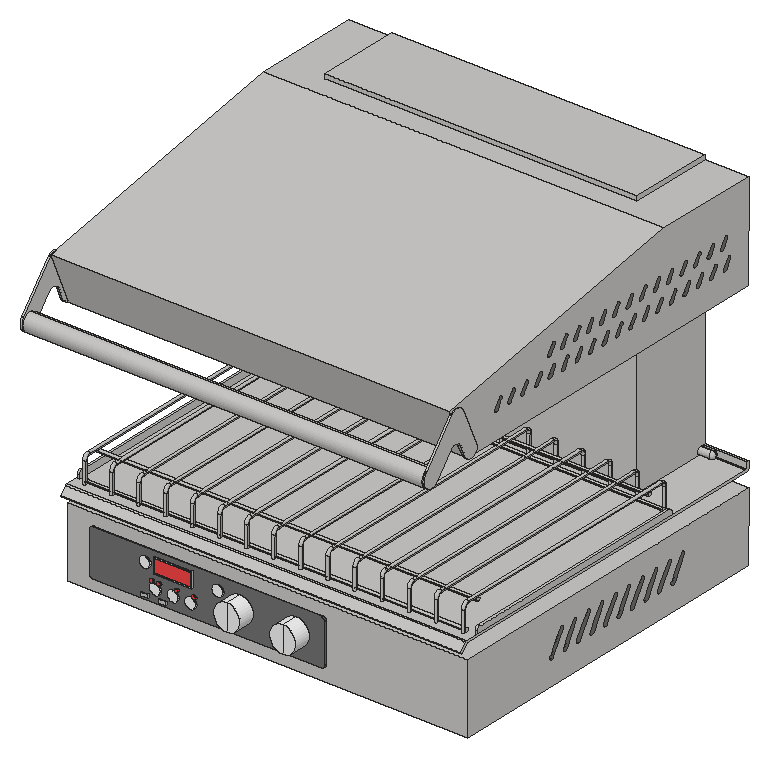
Revit family "QF_GIORIK_SH30", category Specialty Equipment, Revit 2014
Parameters (values of type "SH30")
  Weight in Pounds = 152.1188
  Watts = 4500 W
  Volts = 400 V
  URL Cutsheet = "www.giorik.com"
  URL = "www.giorik.com"
  Status [instance] = ""
  Specification by User [instance] = ""
  Specification by Manufacturer = ""
  Show Logo [instance] = yes
  Show Clearance [instance] = yes
  Serial Number = ""
  Seismic Rating = ""
  SMACNA No = ""
  Revision Code [instance] = ""
  Phase = 3
  Number of Poles [instance] = 3
  NAFEM Spec ID Number = ""
  Model = "SH30"
  Min Ckt Ampacity = 0 A
  Max Overcurrent Protection = 0 A
  Masterspec = ""
  Manufacturer = "GIORIK"
  Item Number [instance] = ""
  Installed By [instance] = ""
  Identify Quantity as Lot [instance] = no
  HP = "6.034590000000"
  Furnished By [instance] = ""
  Foodservice Equipment Identifier [instance] = yes
  FL Amps = 0 A
  Electrical Remarks [instance] = ""
  Electric Connection Type [instance] = ""
  Elec Conn RI Height [instance] = 0 mm
  Elec Conn Connection Height [instance] = 39 mm
  Description = "FAST SALAMANDERS HI-LITE"
  Cycle = 50 Hz
  Conn Plug = ""
  CSI MasterFormat = ""
  Assembly Code = "E1090320"
  Apparent Power = 4500 VA
Reference planes
  plane 1 "Back": y = 0
  plane 2: z = -1
  plane 3 "Left": x = 0
  plane 4 "Right": x = 570
  plane 5 "Front": y = -581
  plane 6 "Top": z = 518
Forms (mm)
  Extrusion 1, solid
    sketch origin (0, 0, -1) x (0, 1, 0) y (0, 0, 1)
      loop
        line (0, 116) -> (-500, 116) -> (-500, 16) -> (0, 16) -> (0, 116)
    from 0 to 570
  Extrusion 2, solid
    sketch origin (0, 0, -1) x (0, 1, 0) y (0, 0, 1)
      loop
        line (-510.658, 128.424) -> (-501.497, 137.409) -> (-3, 137.409)
        arc (-3, 137.409) -> (-0.879, 138.288) -> (0, 140.409) r 3
        line (0, 140.409) -> (0, 150.409) -> (-3, 150.409) -> (-3, 141.409)
        arc (-3, 141.409) -> (-3.293, 140.702) -> (-4, 140.409) r 1
        line (-4, 140.409) -> (-501.497, 140.409)
        arc (-501.497, 140.409) -> (-502.632, 140.186) -> (-503.598, 139.551) r 3
        line (-503.598, 139.551) -> (-512.779, 130.545) -> (-510.658, 128.424)
    from 0 to 570
  Extrusion 3, solid
    sketch origin (0, 0, 0) x (0, 1, 0) y (0, 0, 1)
      loop
        line (-150, 512.02) -> (-531, 444.528) -> (-500, 372.02) -> (0, 372.02) -> (0, 512.02) -> (-150, 512.02)
    from 0 to 570
  Extrusion 4, solid
    sketch origin (0, 0, 0) x (0, 1, 0) y (0, 0, 1)
      loop
        line (-120, 115) -> (0, 115) -> (0, 372.02) -> (-120, 372.02) -> (-120, 115)
    from 62.5 to 507.5
  Extrusion 5, solid
    sketch origin (0, -38, -1.322) x (0, 1, 0) y (0, 0, 1)
      loop
        line (-491.588, 443.653) -> (-540.006, 386.512)
        arc (-540.006, 386.512) -> (-538.54, 368.783) -> (-520.812, 370.248) r 12.579
        line (-520.812, 370.248) -> (-495.462, 400.166)
        arc (-495.462, 400.166) -> (-486.485, 403.589) -> (-478.751, 397.888) r 10.025
        line (-478.751, 397.888) -> (-470.242, 379.619)
        arc (-470.242, 379.619) -> (-455.833, 374.347) -> (-450.524, 388.743) r 10.863
        line (-450.524, 388.743) -> (-474.877, 441.376)
        arc (-474.877, 441.376) -> (-482.609, 447.09) -> (-491.588, 443.653) r 10.009
    from -3 to 0
  Extrusion 6, solid
    sketch origin (573, -38, -1.322) x (0, 1, 0) y (0, 0, 1)
      loop
        line (-491.588, 443.653) -> (-540.006, 386.512)
        arc (-540.006, 386.512) -> (-538.54, 368.783) -> (-520.812, 370.248) r 12.579
        line (-520.812, 370.248) -> (-495.462, 400.166)
        arc (-495.462, 400.166) -> (-486.485, 403.589) -> (-478.751, 397.888) r 10.025
        line (-478.751, 397.888) -> (-470.242, 379.619)
        arc (-470.242, 379.619) -> (-455.833, 374.347) -> (-450.524, 388.743) r 10.863
        line (-450.524, 388.743) -> (-474.877, 441.376)
        arc (-474.877, 441.376) -> (-482.609, 447.09) -> (-491.588, 443.653) r 10.009
    from -3 to 0
  Revolve 7, solid
    sketch origin (0, -568.487, -1.322) x (1, 0, 0) y (0, 0, 1)
      loop
        line (0, 365.88) -> (569.991, 365.88) -> (569.991, 378.38) -> (0, 378.38) -> (0, 365.88)
      axis (0, 378.38) -> (569.991, 378.38)
    angle from 0 to 360
  Revolve 8, solid
    sketch origin (0, -107.054, -1) x (1, 0, 0) y (0, 0, 1)
      loop
        line (62.5, 127.28) -> (62.5, 132.28) -> (40.041, 132.28)
        arc (40.041, 132.28) -> (41.505, 128.744) -> (45.041, 127.28) r 5
        line (45.041, 127.28) -> (62.5, 127.28)
      axis (40.041, 132.28) -> (62.5, 132.28)
    angle from 0 to 360
  Revolve 9, solid
    sketch origin (0.028, -8.199, 12.32) x (1, 0, 0) y (0, 0, 1)
      loop
        line (62.5, 127.28) -> (62.5, 132.28) -> (40.041, 132.28)
        arc (40.041, 132.28) -> (41.505, 128.744) -> (45.041, 127.28) r 5
        line (45.041, 127.28) -> (62.5, 127.28)
      axis (40.041, 132.28) -> (62.5, 132.28)
    angle from 0 to 360
  Revolve 10, solid
    sketch origin (570, -107.054, -1) x (-1, 0, 0) y (0, 0, -1)
      loop
        line (62.5, -127.28) -> (45.041, -127.28)
        arc (45.041, -127.28) -> (41.505, -128.744) -> (40.041, -132.28) r 5
        line (40.041, -132.28) -> (62.5, -132.28) -> (62.5, -127.28)
      axis (40.041, -132.28) -> (62.5, -132.28)
    angle from 0 to 360
  Revolve 11, solid
    sketch origin (570, -8.199, 12.32) x (-1, 0, 0) y (0, 0, -1)
      loop
        line (62.5, -127.28) -> (45.041, -127.28)
        arc (45.041, -127.28) -> (41.505, -128.744) -> (40.041, -132.28) r 5
        line (40.041, -132.28) -> (62.5, -132.28) -> (62.5, -127.28)
      axis (40.041, -132.28) -> (62.5, -132.28)
    angle from 0 to 360
  Extrusion 12, solid
    sketch origin (0, 0, 0) x (0, 1, 0) y (0, 0, 1)
      loop
        line (0, 512.02) -> (0, 518) -> (-120, 518) -> (-120, 512.02) -> (0, 512.02)
    from 62.5 to 507.5
  Extrusion 13, solid
    sketch origin (0, -38, -1.322) x (0, 1, 0) y (0, 0, 1)
      loop
        line (-491.588, 443.653) -> (-540.006, 386.512)
        arc (-540.006, 386.512) -> (-538.54, 368.783) -> (-520.812, 370.248) r 12.579
        line (-520.812, 370.248) -> (-495.462, 400.166)
        arc (-495.462, 400.166) -> (-486.485, 403.589) -> (-478.751, 397.888) r 10.025
        line (-478.751, 397.888) -> (-470.242, 379.619)
        arc (-470.242, 379.619) -> (-455.833, 374.347) -> (-450.524, 388.743) r 10.863
        line (-450.524, 388.743) -> (-474.877, 441.376)
        arc (-474.877, 441.376) -> (-482.609, 447.09) -> (-491.588, 443.653) r 10.009
    from -3 to 0
  Extrusion 14, solid
    sketch origin (0, 0, -1) x (1, 0, 0) y (0, 0, 1)
      loop
        circle (518, 39) r 12.7
    from 0 to -15
  Extrusion 15, solid
    sketch origin (0, 1.905, -0.038) x (0, 1, 0) y (0, 0, 1)
      loop
        line (-122.233, 83.563) -> (-138.983, 54.209)
        arc (-138.983, 54.209) -> (-137.865, 50.116) -> (-133.772, 51.235) r 3
        line (-133.772, 51.235) -> (-117.021, 80.589)
        arc (-117.021, 80.589) -> (-118.14, 84.682) -> (-122.233, 83.563) r 3
      loop
        line (-145.943, 83.563) -> (-162.693, 54.209)
        arc (-162.693, 54.209) -> (-161.575, 50.116) -> (-157.482, 51.235) r 3
        line (-157.482, 51.235) -> (-140.732, 80.589)
        arc (-140.732, 80.589) -> (-141.85, 84.682) -> (-145.943, 83.563) r 3
      loop
        line (-170.249, 83.563) -> (-186.999, 54.209)
        arc (-186.999, 54.209) -> (-185.881, 50.116) -> (-181.788, 51.235) r 3
        line (-181.788, 51.235) -> (-165.037, 80.589)
        arc (-165.037, 80.589) -> (-166.156, 84.682) -> (-170.249, 83.563) r 3
      loop
        line (-194.226, 83.563) -> (-210.977, 54.209)
        arc (-210.977, 54.209) -> (-209.858, 50.116) -> (-205.765, 51.235) r 3
        line (-205.765, 51.235) -> (-189.015, 80.589)
        arc (-189.015, 80.589) -> (-190.133, 84.682) -> (-194.226, 83.563) r 3
      loop
        line (-218.413, 83.563) -> (-235.163, 54.209)
        arc (-235.163, 54.209) -> (-234.045, 50.116) -> (-229.952, 51.235) r 3
        line (-229.952, 51.235) -> (-213.201, 80.589)
        arc (-213.201, 80.589) -> (-214.32, 84.682) -> (-218.413, 83.563) r 3
      loop
        line (-242.123, 83.563) -> (-258.873, 54.209)
        arc (-258.873, 54.209) -> (-257.755, 50.116) -> (-253.662, 51.235) r 3
        line (-253.662, 51.235) -> (-236.912, 80.589)
        arc (-236.912, 80.589) -> (-238.03, 84.682) -> (-242.123, 83.563) r 3
      loop
        line (-266.429, 83.563) -> (-283.179, 54.209)
        arc (-283.179, 54.209) -> (-282.061, 50.116) -> (-277.968, 51.235) r 3
        line (-277.968, 51.235) -> (-261.218, 80.589)
        arc (-261.218, 80.589) -> (-262.336, 84.682) -> (-266.429, 83.563) r 3
      loop
        line (-290.548, 83.563) -> (-307.299, 54.209)
        arc (-307.299, 54.209) -> (-306.18, 50.116) -> (-302.088, 51.235) r 3
        line (-302.088, 51.235) -> (-285.337, 80.589)
        arc (-285.337, 80.589) -> (-286.456, 84.682) -> (-290.548, 83.563) r 3
      loop
        line (-314.497, 83.563) -> (-331.247, 54.209)
        arc (-331.247, 54.209) -> (-330.129, 50.116) -> (-326.036, 51.235) r 3
        line (-326.036, 51.235) -> (-309.285, 80.589)
        arc (-309.285, 80.589) -> (-310.404, 84.682) -> (-314.497, 83.563) r 3
      loop
        line (-338.088, 83.563) -> (-354.838, 54.209)
        arc (-354.838, 54.209) -> (-353.72, 50.116) -> (-349.627, 51.235) r 3
        line (-349.627, 51.235) -> (-332.876, 80.589)
        arc (-332.876, 80.589) -> (-333.995, 84.682) -> (-338.088, 83.563) r 3
    from -0.1 to 2.047
  Extrusion 16, solid
    sketch origin (-0.103, 15.947, -2.077) x (0, 1, 0) y (0, 0, 1)
      loop
        line (-367.103, 412.901) -> (-361.099, 423.422)
        arc (-361.099, 423.422) -> (-362.218, 427.515) -> (-366.31, 426.396) r 3
        line (-366.31, 426.396) -> (-372.314, 415.875)
        arc (-372.314, 415.875) -> (-371.195, 411.782) -> (-367.103, 412.901) r 3
      loop
        line (-390.682, 412.901) -> (-384.678, 423.422)
        arc (-384.678, 423.422) -> (-385.797, 427.515) -> (-389.89, 426.396) r 3
        line (-389.89, 426.396) -> (-395.893, 415.875)
        arc (-395.893, 415.875) -> (-394.775, 411.782) -> (-390.682, 412.901) r 3
      loop
        line (-415.44, 412.901) -> (-409.437, 423.422)
        arc (-409.437, 423.422) -> (-410.555, 427.515) -> (-414.648, 426.396) r 3
        line (-414.648, 426.396) -> (-420.652, 415.875)
        arc (-420.652, 415.875) -> (-419.533, 411.782) -> (-415.44, 412.901) r 3
      loop
        line (-438.823, 412.901) -> (-432.819, 423.422)
        arc (-432.819, 423.422) -> (-433.938, 427.515) -> (-438.031, 426.396) r 3
        line (-438.031, 426.396) -> (-444.034, 415.875)
        arc (-444.034, 415.875) -> (-442.916, 411.782) -> (-438.823, 412.901) r 3
      loop
        line (-54.819, 412.901) -> (-48.816, 423.422)
        arc (-48.816, 423.422) -> (-49.934, 427.515) -> (-54.027, 426.396) r 3
        line (-54.027, 426.396) -> (-60.036, 415.866)
        arc (-60.036, 415.866) -> (-58.907, 411.78) -> (-54.819, 412.901) r 3
      loop
        line (-78.988, 412.901) -> (-72.984, 423.422)
        arc (-72.984, 423.422) -> (-74.103, 427.515) -> (-78.196, 426.396) r 3
        line (-78.196, 426.396) -> (-84.204, 415.866)
        arc (-84.204, 415.866) -> (-83.076, 411.78) -> (-78.988, 412.901) r 3
      loop
        line (-102.764, 412.901) -> (-96.76, 423.422)
        arc (-96.76, 423.422) -> (-97.879, 427.515) -> (-101.971, 426.396) r 3
        line (-101.971, 426.396) -> (-107.98, 415.866)
        arc (-107.98, 415.866) -> (-106.852, 411.78) -> (-102.764, 412.901) r 3
      loop
        line (-126.54, 412.901) -> (-120.536, 423.422)
        arc (-120.536, 423.422) -> (-121.655, 427.515) -> (-125.747, 426.396) r 3
        line (-125.747, 426.396) -> (-131.756, 415.866)
        arc (-131.756, 415.866) -> (-130.628, 411.78) -> (-126.54, 412.901) r 3
      loop
        line (-150.709, 412.901) -> (-144.705, 423.422)
        arc (-144.705, 423.422) -> (-145.824, 427.515) -> (-149.916, 426.396) r 3
        line (-149.916, 426.396) -> (-155.925, 415.866)
        arc (-155.925, 415.866) -> (-154.797, 411.78) -> (-150.709, 412.901) r 3
      loop
        line (-174.931, 412.901) -> (-168.927, 423.422)
        arc (-168.927, 423.422) -> (-170.046, 427.515) -> (-174.139, 426.396) r 3
        line (-174.139, 426.396) -> (-180.142, 415.875)
        arc (-180.142, 415.875) -> (-179.024, 411.782) -> (-174.931, 412.901) r 3
      loop
        line (-198.904, 412.901) -> (-192.9, 423.422)
        arc (-192.9, 423.422) -> (-194.019, 427.515) -> (-198.111, 426.396) r 3
        line (-198.111, 426.396) -> (-204.115, 415.875)
        arc (-204.115, 415.875) -> (-202.996, 411.782) -> (-198.904, 412.901) r 3
      loop
        line (-222.876, 412.901) -> (-216.872, 423.422)
        arc (-216.872, 423.422) -> (-217.991, 427.515) -> (-222.083, 426.396) r 3
        line (-222.083, 426.396) -> (-228.087, 415.875)
        arc (-228.087, 415.875) -> (-226.968, 411.782) -> (-222.876, 412.901) r 3
      loop
        line (-246.652, 412.901) -> (-240.648, 423.422)
        arc (-240.648, 423.422) -> (-241.767, 427.515) -> (-245.859, 426.396) r 3
        line (-245.859, 426.396) -> (-251.863, 415.875)
        arc (-251.863, 415.875) -> (-250.744, 411.782) -> (-246.652, 412.901) r 3
      loop
        line (-270.821, 412.901) -> (-264.817, 423.422)
        arc (-264.817, 423.422) -> (-265.935, 427.515) -> (-270.028, 426.396) r 3
        line (-270.028, 426.396) -> (-276.032, 415.875)
        arc (-276.032, 415.875) -> (-274.913, 411.782) -> (-270.821, 412.901) r 3
      loop
        line (-294.793, 412.901) -> (-288.789, 423.422)
        arc (-288.789, 423.422) -> (-289.908, 427.515) -> (-294, 426.396) r 3
        line (-294, 426.396) -> (-300.004, 415.875)
        arc (-300.004, 415.875) -> (-298.885, 411.782) -> (-294.793, 412.901) r 3
      loop
        line (-318.765, 412.901) -> (-312.761, 423.422)
        arc (-312.761, 423.422) -> (-313.88, 427.515) -> (-317.973, 426.396) r 3
        line (-317.973, 426.396) -> (-323.976, 415.875)
        arc (-323.976, 415.875) -> (-322.858, 411.782) -> (-318.765, 412.901) r 3
      loop
        line (-342.934, 412.901) -> (-336.93, 423.422)
        arc (-336.93, 423.422) -> (-338.049, 427.515) -> (-342.141, 426.396) r 3
        line (-342.141, 426.396) -> (-348.145, 415.875)
        arc (-348.145, 415.875) -> (-347.026, 411.782) -> (-342.934, 412.901) r 3
      loop
        line (-462.23, 412.901) -> (-456.226, 423.422)
        arc (-456.226, 423.422) -> (-457.345, 427.515) -> (-461.437, 426.396) r 3
        line (-461.437, 426.396) -> (-467.441, 415.875)
        arc (-467.441, 415.875) -> (-466.323, 411.782) -> (-462.23, 412.901) r 3
      loop
        line (-59.93, 441.379) -> (-53.926, 451.9)
        arc (-53.926, 451.9) -> (-55.045, 455.993) -> (-59.137, 454.874) r 3
        line (-59.137, 454.874) -> (-65.141, 444.353)
        arc (-65.141, 444.353) -> (-64.023, 440.26) -> (-59.93, 441.379) r 3
      loop
        line (-83.706, 441.379) -> (-77.702, 451.9)
        arc (-77.702, 451.9) -> (-78.821, 455.993) -> (-82.913, 454.874) r 3
        line (-82.913, 454.874) -> (-88.917, 444.353)
        arc (-88.917, 444.353) -> (-87.798, 440.26) -> (-83.706, 441.379) r 3
      loop
        line (-107.678, 441.379) -> (-101.674, 451.9)
        arc (-101.674, 451.9) -> (-102.793, 455.993) -> (-106.886, 454.874) r 3
        line (-106.886, 454.874) -> (-112.889, 444.353)
        arc (-112.889, 444.353) -> (-111.771, 440.26) -> (-107.678, 441.379) r 3
      loop
        line (-132.043, 441.379) -> (-126.04, 451.9)
        arc (-126.04, 451.9) -> (-127.158, 455.993) -> (-131.251, 454.874) r 3
        line (-131.251, 454.874) -> (-137.255, 444.353)
        arc (-137.255, 444.353) -> (-136.136, 440.26) -> (-132.043, 441.379) r 3
      loop
        line (-156.212, 441.379) -> (-150.209, 451.9)
        arc (-150.209, 451.9) -> (-151.327, 455.993) -> (-155.42, 454.874) r 3
        line (-155.42, 454.874) -> (-161.424, 444.353)
        arc (-161.424, 444.353) -> (-160.305, 440.26) -> (-156.212, 441.379) r 3
      loop
        line (-179.792, 441.379) -> (-173.788, 451.9)
        arc (-173.788, 451.9) -> (-174.907, 455.993) -> (-178.999, 454.874) r 3
        line (-178.999, 454.874) -> (-185.003, 444.353)
        arc (-185.003, 444.353) -> (-183.884, 440.26) -> (-179.792, 441.379) r 3
      loop
        line (-204.014, 441.379) -> (-198.011, 451.9)
        arc (-198.011, 451.9) -> (-199.129, 455.993) -> (-203.222, 454.874) r 3
        line (-203.222, 454.874) -> (-209.226, 444.353)
        arc (-209.226, 444.353) -> (-208.107, 440.26) -> (-204.014, 441.379) r 3
      loop
        line (-227.987, 441.379) -> (-221.983, 451.9)
        arc (-221.983, 451.9) -> (-223.102, 455.993) -> (-227.194, 454.874) r 3
        line (-227.194, 454.874) -> (-233.198, 444.353)
        arc (-233.198, 444.353) -> (-232.079, 440.26) -> (-227.987, 441.379) r 3
      loop
        line (-252.155, 441.379) -> (-246.152, 451.9)
        arc (-246.152, 451.9) -> (-247.27, 455.993) -> (-251.363, 454.874) r 3
        line (-251.363, 454.874) -> (-257.367, 444.353)
        arc (-257.367, 444.353) -> (-256.248, 440.26) -> (-252.155, 441.379) r 3
      loop
        line (-275.735, 441.379) -> (-269.731, 451.9)
        arc (-269.731, 451.9) -> (-270.85, 455.993) -> (-274.942, 454.874) r 3
        line (-274.942, 454.874) -> (-280.946, 444.353)
        arc (-280.946, 444.353) -> (-279.827, 440.26) -> (-275.735, 441.379) r 3
      loop
        line (-298.749, 441.379) -> (-292.745, 451.9)
        arc (-292.745, 451.9) -> (-293.864, 455.993) -> (-297.956, 454.874) r 3
        line (-297.956, 454.874) -> (-303.96, 444.353)
        arc (-303.96, 444.353) -> (-302.841, 440.26) -> (-298.749, 441.379) r 3
      loop
        line (-321.735, 441.379) -> (-315.731, 451.9)
        arc (-315.731, 451.9) -> (-316.85, 455.993) -> (-320.942, 454.874) r 3
        line (-320.942, 454.874) -> (-326.946, 444.353)
        arc (-326.946, 444.353) -> (-325.827, 440.26) -> (-321.735, 441.379) r 3
      loop
        line (-344.749, 441.379) -> (-338.745, 451.9)
        arc (-338.745, 451.9) -> (-339.864, 455.993) -> (-343.956, 454.874) r 3
        line (-343.956, 454.874) -> (-349.96, 444.353)
        arc (-349.96, 444.353) -> (-348.841, 440.26) -> (-344.749, 441.379) r 3
      loop
        line (-367.749, 441.379) -> (-361.745, 451.9)
        arc (-361.745, 451.9) -> (-362.864, 455.993) -> (-366.956, 454.874) r 3
        line (-366.956, 454.874) -> (-372.96, 444.353)
        arc (-372.96, 444.353) -> (-371.841, 440.26) -> (-367.749, 441.379) r 3
    from 0 to 2.101
  Extrusion 17, solid
    sketch origin (570, 1.905, -0.038) x (0, 1, 0) y (0, 0, -1)
      loop
        arc (-122.233, -83.563) -> (-118.14, -84.682) -> (-117.021, -80.589) r 3
        line (-117.021, -80.589) -> (-133.772, -51.235)
        arc (-133.772, -51.235) -> (-137.865, -50.116) -> (-138.983, -54.209) r 3
        line (-138.983, -54.209) -> (-122.233, -83.563)
      loop
        arc (-145.943, -83.563) -> (-141.85, -84.682) -> (-140.732, -80.589) r 3
        line (-140.732, -80.589) -> (-157.482, -51.235)
        arc (-157.482, -51.235) -> (-161.575, -50.116) -> (-162.693, -54.209) r 3
        line (-162.693, -54.209) -> (-145.943, -83.563)
      loop
        arc (-170.249, -83.563) -> (-166.156, -84.682) -> (-165.037, -80.589) r 3
        line (-165.037, -80.589) -> (-181.788, -51.235)
        arc (-181.788, -51.235) -> (-185.881, -50.116) -> (-186.999, -54.209) r 3
        line (-186.999, -54.209) -> (-170.249, -83.563)
      loop
        arc (-194.226, -83.563) -> (-190.133, -84.682) -> (-189.015, -80.589) r 3
        line (-189.015, -80.589) -> (-205.765, -51.235)
        arc (-205.765, -51.235) -> (-209.858, -50.116) -> (-210.977, -54.209) r 3
        line (-210.977, -54.209) -> (-194.226, -83.563)
      loop
        arc (-218.413, -83.563) -> (-214.32, -84.682) -> (-213.201, -80.589) r 3
        line (-213.201, -80.589) -> (-229.952, -51.235)
        arc (-229.952, -51.235) -> (-234.045, -50.116) -> (-235.163, -54.209) r 3
        line (-235.163, -54.209) -> (-218.413, -83.563)
      loop
        arc (-242.123, -83.563) -> (-238.03, -84.682) -> (-236.912, -80.589) r 3
        line (-236.912, -80.589) -> (-253.662, -51.235)
        arc (-253.662, -51.235) -> (-257.755, -50.116) -> (-258.873, -54.209) r 3
        line (-258.873, -54.209) -> (-242.123, -83.563)
      loop
        arc (-266.429, -83.563) -> (-262.336, -84.682) -> (-261.218, -80.589) r 3
        line (-261.218, -80.589) -> (-277.968, -51.235)
        arc (-277.968, -51.235) -> (-282.061, -50.116) -> (-283.179, -54.209) r 3
        line (-283.179, -54.209) -> (-266.429, -83.563)
      loop
        arc (-290.548, -83.563) -> (-286.456, -84.682) -> (-285.337, -80.589) r 3
        line (-285.337, -80.589) -> (-302.088, -51.235)
        arc (-302.088, -51.235) -> (-306.18, -50.116) -> (-307.299, -54.209) r 3
        line (-307.299, -54.209) -> (-290.548, -83.563)
      loop
        arc (-314.497, -83.563) -> (-310.404, -84.682) -> (-309.285, -80.589) r 3
        line (-309.285, -80.589) -> (-326.036, -51.235)
        arc (-326.036, -51.235) -> (-330.129, -50.116) -> (-331.247, -54.209) r 3
        line (-331.247, -54.209) -> (-314.497, -83.563)
      loop
        arc (-338.088, -83.563) -> (-333.995, -84.682) -> (-332.876, -80.589) r 3
        line (-332.876, -80.589) -> (-349.627, -51.235)
        arc (-349.627, -51.235) -> (-353.72, -50.116) -> (-354.838, -54.209) r 3
        line (-354.838, -54.209) -> (-338.088, -83.563)
    from -0.1 to 2.047
  Extrusion 18, solid
    sketch origin (570.103, 15.947, -2.077) x (0, 1, 0) y (0, 0, -1)
      loop
        arc (-367.103, -412.901) -> (-371.195, -411.782) -> (-372.314, -415.875) r 3
        line (-372.314, -415.875) -> (-366.31, -426.396)
        arc (-366.31, -426.396) -> (-362.218, -427.515) -> (-361.099, -423.422) r 3
        line (-361.099, -423.422) -> (-367.103, -412.901)
      loop
        arc (-390.682, -412.901) -> (-394.775, -411.782) -> (-395.893, -415.875) r 3
        line (-395.893, -415.875) -> (-389.89, -426.396)
        arc (-389.89, -426.396) -> (-385.797, -427.515) -> (-384.678, -423.422) r 3
        line (-384.678, -423.422) -> (-390.682, -412.901)
      loop
        arc (-415.44, -412.901) -> (-419.533, -411.782) -> (-420.652, -415.875) r 3
        line (-420.652, -415.875) -> (-414.648, -426.396)
        arc (-414.648, -426.396) -> (-410.555, -427.515) -> (-409.437, -423.422) r 3
        line (-409.437, -423.422) -> (-415.44, -412.901)
      loop
        arc (-438.823, -412.901) -> (-442.916, -411.782) -> (-444.034, -415.875) r 3
        line (-444.034, -415.875) -> (-438.031, -426.396)
        arc (-438.031, -426.396) -> (-433.938, -427.515) -> (-432.819, -423.422) r 3
        line (-432.819, -423.422) -> (-438.823, -412.901)
      loop
        arc (-54.819, -412.901) -> (-58.907, -411.78) -> (-60.036, -415.866) r 3
        line (-60.036, -415.866) -> (-54.027, -426.396)
        arc (-54.027, -426.396) -> (-49.934, -427.515) -> (-48.816, -423.422) r 3
        line (-48.816, -423.422) -> (-54.819, -412.901)
      loop
        arc (-78.988, -412.901) -> (-83.076, -411.78) -> (-84.204, -415.866) r 3
        line (-84.204, -415.866) -> (-78.196, -426.396)
        arc (-78.196, -426.396) -> (-74.103, -427.515) -> (-72.984, -423.422) r 3
        line (-72.984, -423.422) -> (-78.988, -412.901)
      loop
        arc (-102.764, -412.901) -> (-106.852, -411.78) -> (-107.98, -415.866) r 3
        line (-107.98, -415.866) -> (-101.971, -426.396)
        arc (-101.971, -426.396) -> (-97.879, -427.515) -> (-96.76, -423.422) r 3
        line (-96.76, -423.422) -> (-102.764, -412.901)
      loop
        arc (-126.54, -412.901) -> (-130.628, -411.78) -> (-131.756, -415.866) r 3
        line (-131.756, -415.866) -> (-125.747, -426.396)
        arc (-125.747, -426.396) -> (-121.655, -427.515) -> (-120.536, -423.422) r 3
        line (-120.536, -423.422) -> (-126.54, -412.901)
      loop
        arc (-150.709, -412.901) -> (-154.797, -411.78) -> (-155.925, -415.866) r 3
        line (-155.925, -415.866) -> (-149.916, -426.396)
        arc (-149.916, -426.396) -> (-145.824, -427.515) -> (-144.705, -423.422) r 3
        line (-144.705, -423.422) -> (-150.709, -412.901)
      loop
        arc (-174.931, -412.901) -> (-179.024, -411.782) -> (-180.142, -415.875) r 3
        line (-180.142, -415.875) -> (-174.139, -426.396)
        arc (-174.139, -426.396) -> (-170.046, -427.515) -> (-168.927, -423.422) r 3
        line (-168.927, -423.422) -> (-174.931, -412.901)
      loop
        arc (-198.904, -412.901) -> (-202.996, -411.782) -> (-204.115, -415.875) r 3
        line (-204.115, -415.875) -> (-198.111, -426.396)
        arc (-198.111, -426.396) -> (-194.019, -427.515) -> (-192.9, -423.422) r 3
        line (-192.9, -423.422) -> (-198.904, -412.901)
      loop
        arc (-222.876, -412.901) -> (-226.968, -411.782) -> (-228.087, -415.875) r 3
        line (-228.087, -415.875) -> (-222.083, -426.396)
        arc (-222.083, -426.396) -> (-217.991, -427.515) -> (-216.872, -423.422) r 3
        line (-216.872, -423.422) -> (-222.876, -412.901)
      loop
        arc (-246.652, -412.901) -> (-250.744, -411.782) -> (-251.863, -415.875) r 3
        line (-251.863, -415.875) -> (-245.859, -426.396)
        arc (-245.859, -426.396) -> (-241.767, -427.515) -> (-240.648, -423.422) r 3
        line (-240.648, -423.422) -> (-246.652, -412.901)
      loop
        arc (-270.821, -412.901) -> (-274.913, -411.782) -> (-276.032, -415.875) r 3
        line (-276.032, -415.875) -> (-270.028, -426.396)
        arc (-270.028, -426.396) -> (-265.935, -427.515) -> (-264.817, -423.422) r 3
        line (-264.817, -423.422) -> (-270.821, -412.901)
      loop
        arc (-294.793, -412.901) -> (-298.885, -411.782) -> (-300.004, -415.875) r 3
        line (-300.004, -415.875) -> (-294, -426.396)
        arc (-294, -426.396) -> (-289.908, -427.515) -> (-288.789, -423.422) r 3
        line (-288.789, -423.422) -> (-294.793, -412.901)
      loop
        arc (-318.765, -412.901) -> (-322.858, -411.782) -> (-323.976, -415.875) r 3
        line (-323.976, -415.875) -> (-317.973, -426.396)
        arc (-317.973, -426.396) -> (-313.88, -427.515) -> (-312.761, -423.422) r 3
        line (-312.761, -423.422) -> (-318.765, -412.901)
      loop
        arc (-342.934, -412.901) -> (-347.026, -411.782) -> (-348.145, -415.875) r 3
        line (-348.145, -415.875) -> (-342.141, -426.396)
        arc (-342.141, -426.396) -> (-338.049, -427.515) -> (-336.93, -423.422) r 3
        line (-336.93, -423.422) -> (-342.934, -412.901)
      loop
        arc (-462.23, -412.901) -> (-466.323, -411.782) -> (-467.441, -415.875) r 3
        line (-467.441, -415.875) -> (-461.437, -426.396)
        arc (-461.437, -426.396) -> (-457.345, -427.515) -> (-456.226, -423.422) r 3
        line (-456.226, -423.422) -> (-462.23, -412.901)
      loop
        arc (-59.93, -441.379) -> (-64.023, -440.26) -> (-65.141, -444.353) r 3
        line (-65.141, -444.353) -> (-59.137, -454.874)
        arc (-59.137, -454.874) -> (-55.045, -455.993) -> (-53.926, -451.9) r 3
        line (-53.926, -451.9) -> (-59.93, -441.379)
      loop
        arc (-83.706, -441.379) -> (-87.798, -440.26) -> (-88.917, -444.353) r 3
        line (-88.917, -444.353) -> (-82.913, -454.874)
        arc (-82.913, -454.874) -> (-78.821, -455.993) -> (-77.702, -451.9) r 3
        line (-77.702, -451.9) -> (-83.706, -441.379)
      loop
        arc (-107.678, -441.379) -> (-111.771, -440.26) -> (-112.889, -444.353) r 3
        line (-112.889, -444.353) -> (-106.886, -454.874)
        arc (-106.886, -454.874) -> (-102.793, -455.993) -> (-101.674, -451.9) r 3
        line (-101.674, -451.9) -> (-107.678, -441.379)
      loop
        arc (-132.043, -441.379) -> (-136.136, -440.26) -> (-137.255, -444.353) r 3
        line (-137.255, -444.353) -> (-131.251, -454.874)
        arc (-131.251, -454.874) -> (-127.158, -455.993) -> (-126.04, -451.9) r 3
        line (-126.04, -451.9) -> (-132.043, -441.379)
      loop
        arc (-156.212, -441.379) -> (-160.305, -440.26) -> (-161.424, -444.353) r 3
        line (-161.424, -444.353) -> (-155.42, -454.874)
        arc (-155.42, -454.874) -> (-151.327, -455.993) -> (-150.209, -451.9) r 3
        line (-150.209, -451.9) -> (-156.212, -441.379)
      loop
        arc (-179.792, -441.379) -> (-183.884, -440.26) -> (-185.003, -444.353) r 3
        line (-185.003, -444.353) -> (-178.999, -454.874)
        arc (-178.999, -454.874) -> (-174.907, -455.993) -> (-173.788, -451.9) r 3
        line (-173.788, -451.9) -> (-179.792, -441.379)
      loop
        arc (-204.014, -441.379) -> (-208.107, -440.26) -> (-209.226, -444.353) r 3
        line (-209.226, -444.353) -> (-203.222, -454.874)
        arc (-203.222, -454.874) -> (-199.129, -455.993) -> (-198.011, -451.9) r 3
        line (-198.011, -451.9) -> (-204.014, -441.379)
      loop
        arc (-227.987, -441.379) -> (-232.079, -440.26) -> (-233.198, -444.353) r 3
        line (-233.198, -444.353) -> (-227.194, -454.874)
        arc (-227.194, -454.874) -> (-223.102, -455.993) -> (-221.983, -451.9) r 3
        line (-221.983, -451.9) -> (-227.987, -441.379)
      loop
        arc (-252.155, -441.379) -> (-256.248, -440.26) -> (-257.367, -444.353) r 3
        line (-257.367, -444.353) -> (-251.363, -454.874)
        arc (-251.363, -454.874) -> (-247.27, -455.993) -> (-246.152, -451.9) r 3
        line (-246.152, -451.9) -> (-252.155, -441.379)
      loop
        arc (-275.735, -441.379) -> (-279.827, -440.26) -> (-280.946, -444.353) r 3
        line (-280.946, -444.353) -> (-274.942, -454.874)
        arc (-274.942, -454.874) -> (-270.85, -455.993) -> (-269.731, -451.9) r 3
        line (-269.731, -451.9) -> (-275.735, -441.379)
      loop
        arc (-298.749, -441.379) -> (-302.841, -440.26) -> (-303.96, -444.353) r 3
        line (-303.96, -444.353) -> (-297.956, -454.874)
        arc (-297.956, -454.874) -> (-293.864, -455.993) -> (-292.745, -451.9) r 3
        line (-292.745, -451.9) -> (-298.749, -441.379)
      loop
        arc (-321.735, -441.379) -> (-325.827, -440.26) -> (-326.946, -444.353) r 3
        line (-326.946, -444.353) -> (-320.942, -454.874)
        arc (-320.942, -454.874) -> (-316.85, -455.993) -> (-315.731, -451.9) r 3
        line (-315.731, -451.9) -> (-321.735, -441.379)
      loop
        arc (-344.749, -441.379) -> (-348.841, -440.26) -> (-349.96, -444.353) r 3
        line (-349.96, -444.353) -> (-343.956, -454.874)
        arc (-343.956, -454.874) -> (-339.864, -455.993) -> (-338.745, -451.9) r 3
        line (-338.745, -451.9) -> (-344.749, -441.379)
      loop
        arc (-367.749, -441.379) -> (-371.841, -440.26) -> (-372.96, -444.353) r 3
        line (-372.96, -444.353) -> (-366.956, -454.874)
        arc (-366.956, -454.874) -> (-362.864, -455.993) -> (-361.745, -451.9) r 3
        line (-361.745, -451.9) -> (-367.749, -441.379)
    from 0 to 2.101
  Extrusion 19, solid
    sketch origin (551.603, -360.607, -35) x (0, 1, 0) y (-1, 0, 0)
      loop
        circle (-79.293, 516.603) r 5
    from 43.286 to 50
  Revolve 20, solid
    sketch origin (35, -355.957, -605) x (0, 1, 0) y (0, 0, 1)
      loop
        line (-83.943, 613.286) -> (-94.4, 613.286) -> (-96.887, 603.957) -> (-83.943, 603.957) -> (-83.943, 613.286)
      axis (-83.943, 613.286) -> (-83.943, 603.957)
    angle from 0 to 360
  Extrusion 21, solid
    sketch origin (18.397, -360.607, -35) x (0, 1, 0) y (-1, 0, 0)
      loop
        circle (-79.293, -516.603) r 5
    from 43.286 to 50
  Revolve 22, solid
    sketch origin (535, -355.957, -605) x (0, 1, 0) y (0, 0, -1)
      loop
        line (-83.943, -613.286) -> (-83.943, -603.957) -> (-96.887, -603.957) -> (-94.4, -613.286) -> (-83.943, -613.286)
      axis (-83.943, -613.286) -> (-83.943, -603.957)
    angle from 0 to 360
  Extrusion 23, solid
    sketch origin (551.603, 28.293, -35) x (0, 1, 0) y (-1, 0, 0)
      loop
        circle (-79.293, 516.603) r 5
    from 43.286 to 50
  Revolve 24, solid
    sketch origin (35, 32.943, -605) x (0, 1, 0) y (0, 0, 1)
      loop
        line (-83.943, 613.286) -> (-94.4, 613.286) -> (-96.887, 603.957) -> (-83.943, 603.957) -> (-83.943, 613.286)
      axis (-83.943, 613.286) -> (-83.943, 603.957)
    angle from 0 to 360
  Extrusion 25, solid
    sketch origin (18.397, 28.293, -35) x (0, 1, 0) y (-1, 0, 0)
      loop
        circle (-79.293, -516.603) r 5
    from 43.286 to 50
  Revolve 26, solid
    sketch origin (535, 32.943, -605) x (0, 1, 0) y (0, 0, -1)
      loop
        line (-83.943, -613.286) -> (-83.943, -603.957) -> (-96.887, -603.957) -> (-94.4, -613.286) -> (-83.943, -613.286)
      axis (-83.943, -613.286) -> (-83.943, -603.957)
    angle from 0 to 360
  Revolve 27, solid
    sketch origin (327.54, -52.9, -1) x (0, 1, 0) y (0, 0, 1)
      loop
        line (-473.4, 67.954) -> (-473.4, 49.354) -> (-450.4, 49.354) -> (-450.4, 64.954) -> (-448.1, 64.954) -> (-448.1, 67.954) -> (-473.4, 67.954)
      axis (-448.1, 67.954) -> (-473.4, 67.954)
    angle from 0 to 360
  Revolve 28, solid
    sketch origin (247.596, -52.9, -1) x (0, 1, 0) y (0, 0, 1)
      loop
        line (-473.4, 67.954) -> (-473.4, 49.354) -> (-450.4, 49.354) -> (-450.4, 64.954) -> (-448.1, 64.954) -> (-448.1, 67.954) -> (-473.4, 67.954)
      axis (-448.1, 67.954) -> (-473.4, 67.954)
    angle from 0 to 360
  Extrusion 29, solid
    sketch origin (0, -53.9, -1) x (1, 0, 0) y (0, 0, 1)
      loop
        arc (32.716, 38.339) -> (34.181, 34.803) -> (37.716, 33.339) r 5
        line (37.716, 33.339) -> (362.95, 33.339)
        arc (362.95, 33.339) -> (366.486, 34.803) -> (367.95, 38.339) r 5
        line (367.95, 38.339) -> (367.95, 94.34)
        arc (367.95, 94.34) -> (366.486, 97.875) -> (362.951, 99.339) r 4.999
        line (362.951, 99.339) -> (37.716, 99.339)
        arc (37.716, 99.339) -> (34.181, 97.875) -> (32.716, 94.34) r 4.999
        line (32.716, 94.34) -> (32.716, 38.339)
    from 446.1 to 448.1
  Extrusion 30, solid
    sketch origin (0, -54.9, -1) x (1, 0, 0) y (0, 0, 1)
      loop
        line (124.946, 70.461) -> (179.588, 70.461) -> (179.588, 92.461) -> (124.946, 92.461) -> (124.946, 70.461)
    from 446.1 to 448.1
  Extrusion 31, solid
    sketch origin (0, -54.8, -1) x (1, 0, 0) y (0, 0, 1)
      loop
        line (126.732, 72.461) -> (177.773, 72.461) -> (177.773, 90.461) -> (126.732, 90.461) -> (126.732, 72.461)
    from 447.2 to 448.909
  Extrusion 32, solid
    sketch origin (-774.015, -501, -820.648) x (1, 0, 0) y (0, 0, 1)
      loop
        circle (886.121, 900.481) r 7.55
    from 0 to 2
  Extrusion 33, solid
    sketch origin (-670.285, -501, -820.648) x (1, 0, 0) y (0, 0, 1)
      loop
        circle (886.121, 900.481) r 7.55
    from 0 to 2
  Extrusion 34, solid
    sketch origin (-759.352, -501, -850.241) x (1, 0, 0) y (0, 0, 1)
      loop
        circle (886.121, 900.481) r 7.55
    from 0 to 2
  Extrusion 35, solid
    sketch origin (-733.95, -501, -850.241) x (1, 0, 0) y (0, 0, 1)
      loop
        circle (886.121, 900.481) r 7.55
    from 0 to 2
  Extrusion 36, solid
    sketch origin (-708.907, -501, -850.241) x (1, 0, 0) y (0, 0, 1)
      loop
        circle (886.121, 900.481) r 7.55
    from 0 to 2
  Extrusion 37, solid
    sketch origin (0, -54.9, -1) x (1, 0, 0) y (0, 0, 1)
      loop
        line (106.574, 41.192) -> (106.574, 36.192) -> (116.574, 36.192) -> (116.574, 41.192) -> (106.574, 41.192)
      loop
        line (132.735, 41.192) -> (132.735, 36.192) -> (142.735, 36.192) -> (142.735, 41.192) -> (132.735, 41.192)
    from 446.1 to 448.1
  Extrusion 38, solid
    sketch origin (0, -54.8, -1) x (1, 0, 0) y (0, 0, 1)
      loop
        circle (121.957, 60.234) r 2.643
    from 446.2 to 448.2
  Extrusion 39, solid
    sketch origin (10.092, -54.8, -1) x (1, 0, 0) y (0, 0, 1)
      loop
        circle (121.957, 60.234) r 2.643
    from 446.2 to 448.2
  Extrusion 40, solid
    sketch origin (35.274, -54.8, -1) x (1, 0, 0) y (0, 0, 1)
      loop
        circle (121.957, 60.234) r 2.643
    from 446.2 to 448.2
  Extrusion 41, solid
    sketch origin (60.175, -54.8, -1) x (1, 0, 0) y (0, 0, 1)
      loop
        circle (121.957, 60.234) r 2.643
    from 446.2 to 448.2
  Extrusion 42, solid
    sketch origin (0, -0.003, -1) x (0, 1, 0) y (0, 0, 1)
      loop
        arc (-477.408, 149.627) -> (-480.944, 148.162) -> (-482.408, 144.627) r 5
        line (-482.408, 144.627) -> (-482.408, 140.409) -> (-136.497, 140.409) -> (-136.497, 144.627)
        arc (-136.497, 144.627) -> (-137.962, 148.162) -> (-141.497, 149.627) r 5
        line (-141.497, 149.627) -> (-477.408, 149.627)
    from 0 to 3
  Extrusion 43, solid
    sketch origin (567, -0.003, -1) x (0, 1, 0) y (0, 0, 1)
      loop
        arc (-477.408, 149.627) -> (-480.944, 148.162) -> (-482.408, 144.627) r 5
        line (-482.408, 144.627) -> (-482.408, 140.409) -> (-136.497, 140.409) -> (-136.497, 144.627)
        arc (-136.497, 144.627) -> (-137.962, 148.162) -> (-141.497, 149.627) r 5
        line (-141.497, 149.627) -> (-477.408, 149.627)
    from 0 to 3
  Sweep 44, solid
    path origin (14.8, -0.003, -1) x (0, 1, 0) y (0, 0, 1)
      loop
        line (-132.497, 140.409) -> (-132.497, 170.63)
        arc (-132.497, 170.63) -> (-133.668, 173.457) -> (-136.495, 174.628) r 3.998
        line (-136.495, 174.628) -> (-482.401, 174.628)
        arc (-482.401, 174.628) -> (-485.228, 173.457) -> (-486.399, 170.63) r 3.998
        line (-486.399, 170.63) -> (-486.399, 140.409)
    profile origin (14.8, -132.5, 154.52) x (0, -1, 0) y (1, 0, 0)
      loop
        circle (-2, 0) r 2
  Sweep 45, solid
    path origin (53.4, -0.003, -1) x (0, 1, 0) y (0, 0, 1)
      loop
        line (-132.497, 140.409) -> (-132.497, 170.63)
        arc (-132.497, 170.63) -> (-133.668, 173.457) -> (-136.495, 174.628) r 3.998
        line (-136.495, 174.628) -> (-482.401, 174.628)
        arc (-482.401, 174.628) -> (-485.228, 173.457) -> (-486.399, 170.63) r 3.998
        line (-486.399, 170.63) -> (-486.399, 140.409)
    profile origin (53.4, -132.5, 154.52) x (0, -1, 0) y (1, 0, 0)
      loop
        circle (-2, 0) r 2
  Sweep 46, solid
    path origin (92, -0.003, -1) x (0, 1, 0) y (0, 0, 1)
      loop
        line (-132.497, 140.409) -> (-132.497, 170.63)
        arc (-132.497, 170.63) -> (-133.668, 173.457) -> (-136.495, 174.628) r 3.998
        line (-136.495, 174.628) -> (-482.401, 174.628)
        arc (-482.401, 174.628) -> (-485.228, 173.457) -> (-486.399, 170.63) r 3.998
        line (-486.399, 170.63) -> (-486.399, 140.409)
    profile origin (92, -132.5, 154.52) x (0, -1, 0) y (1, 0, 0)
      loop
        circle (-2, 0) r 2
  Sweep 47, solid
    path origin (130.3, -0.003, -1) x (0, 1, 0) y (0, 0, 1)
      loop
        line (-132.497, 140.409) -> (-132.497, 170.63)
        arc (-132.497, 170.63) -> (-133.668, 173.457) -> (-136.495, 174.628) r 3.998
        line (-136.495, 174.628) -> (-482.401, 174.628)
        arc (-482.401, 174.628) -> (-485.228, 173.457) -> (-486.399, 170.63) r 3.998
        line (-486.399, 170.63) -> (-486.399, 140.409)
    profile origin (130.3, -132.5, 154.52) x (0, -1, 0) y (1, 0, 0)
      loop
        circle (-2, 0) r 2
  Sweep 48, solid
    path origin (168.8, -0.003, -1) x (0, 1, 0) y (0, 0, 1)
      loop
        line (-132.497, 140.409) -> (-132.497, 170.63)
        arc (-132.497, 170.63) -> (-133.668, 173.457) -> (-136.495, 174.628) r 3.998
        line (-136.495, 174.628) -> (-482.401, 174.628)
        arc (-482.401, 174.628) -> (-485.228, 173.457) -> (-486.399, 170.63) r 3.998
        line (-486.399, 170.63) -> (-486.399, 140.409)
    profile origin (168.8, -132.5, 154.52) x (0, -1, 0) y (1, 0, 0)
      loop
        circle (-2, 0) r 2
  Sweep 49, solid
    path origin (207.4, -0.003, -1) x (0, 1, 0) y (0, 0, 1)
      loop
        line (-132.497, 140.409) -> (-132.497, 170.63)
        arc (-132.497, 170.63) -> (-133.668, 173.457) -> (-136.495, 174.628) r 3.998
        line (-136.495, 174.628) -> (-482.401, 174.628)
        arc (-482.401, 174.628) -> (-485.228, 173.457) -> (-486.399, 170.63) r 3.998
        line (-486.399, 170.63) -> (-486.399, 140.409)
    profile origin (207.4, -132.5, 154.52) x (0, -1, 0) y (1, 0, 0)
      loop
        circle (-2, 0) r 2
  Sweep 50, solid
    path origin (245.7, -0.003, -1) x (0, 1, 0) y (0, 0, 1)
      loop
        line (-132.497, 140.409) -> (-132.497, 170.63)
        arc (-132.497, 170.63) -> (-133.668, 173.457) -> (-136.495, 174.628) r 3.998
        line (-136.495, 174.628) -> (-482.401, 174.628)
        arc (-482.401, 174.628) -> (-485.228, 173.457) -> (-486.399, 170.63) r 3.998
        line (-486.399, 170.63) -> (-486.399, 140.409)
    profile origin (245.7, -132.5, 154.52) x (0, -1, 0) y (1, 0, 0)
      loop
        circle (-2, 0) r 2
  Sweep 51, solid
    path origin (284.3, -0.003, -1) x (0, 1, 0) y (0, 0, 1)
      loop
        line (-132.497, 140.409) -> (-132.497, 170.63)
        arc (-132.497, 170.63) -> (-133.668, 173.457) -> (-136.495, 174.628) r 3.998
        line (-136.495, 174.628) -> (-482.401, 174.628)
        arc (-482.401, 174.628) -> (-485.228, 173.457) -> (-486.399, 170.63) r 3.998
        line (-486.399, 170.63) -> (-486.399, 140.409)
    profile origin (284.3, -132.5, 154.52) x (0, -1, 0) y (1, 0, 0)
      loop
        circle (-2, 0) r 2
  Sweep 52, solid
    path origin (323, -0.003, -1) x (0, 1, 0) y (0, 0, 1)
      loop
        line (-132.497, 140.409) -> (-132.497, 170.63)
        arc (-132.497, 170.63) -> (-133.668, 173.457) -> (-136.495, 174.628) r 3.998
        line (-136.495, 174.628) -> (-482.401, 174.628)
        arc (-482.401, 174.628) -> (-485.228, 173.457) -> (-486.399, 170.63) r 3.998
        line (-486.399, 170.63) -> (-486.399, 140.409)
    profile origin (323, -132.5, 154.52) x (0, -1, 0) y (1, 0, 0)
      loop
        circle (-2, 0) r 2
  Sweep 53, solid
    path origin (361.6, -0.003, -1) x (0, 1, 0) y (0, 0, 1)
      loop
        line (-132.497, 140.409) -> (-132.497, 170.63)
        arc (-132.497, 170.63) -> (-133.668, 173.457) -> (-136.495, 174.628) r 3.998
        line (-136.495, 174.628) -> (-482.401, 174.628)
        arc (-482.401, 174.628) -> (-485.228, 173.457) -> (-486.399, 170.63) r 3.998
        line (-486.399, 170.63) -> (-486.399, 140.409)
    profile origin (361.6, -132.5, 154.52) x (0, -1, 0) y (1, 0, 0)
      loop
        circle (-2, 0) r 2
  Sweep 54, solid
    path origin (554.7, -0.003, -1) x (0, 1, 0) y (0, 0, 1)
      loop
        line (-132.497, 140.409) -> (-132.497, 170.63)
        arc (-132.497, 170.63) -> (-133.668, 173.457) -> (-136.495, 174.628) r 3.998
        line (-136.495, 174.628) -> (-482.401, 174.628)
        arc (-482.401, 174.628) -> (-485.228, 173.457) -> (-486.399, 170.63) r 3.998
        line (-486.399, 170.63) -> (-486.399, 140.409)
    profile origin (554.7, -132.5, 154.52) x (0, -1, 0) y (1, 0, 0)
      loop
        circle (-2, 0) r 2
  Extrusion 55, solid
    sketch origin (0, -58.902, -1) x (0, 1, 0) y (0, 0, 1)
      loop
        circle (-425.497, 142.409) r 2
    from 12.914 to 556.591
  Extrusion 56, solid
    sketch origin (0, -38.887, 29.219) x (0, 1, 0) y (0, 0, 1)
      loop
        circle (-425.497, 142.409) r 2
    from 12.914 to 556.591
  Extrusion 57, solid
    sketch origin (0, 266.009, 29.219) x (0, 1, 0) y (0, 0, 1)
      loop
        circle (-425.497, 142.409) r 2
    from 12.829 to 556.691
  Extrusion 58, solid
    sketch origin (0, 291.114, -1) x (0, 1, 0) y (0, 0, 1)
      loop
        circle (-425.497, 142.409) r 2
    from 12.829 to 556.691
  Extrusion 59, solid
    sketch origin (7.5, -30.404, -1) x (0, 1, 0) y (0, 0, 1)
      loop
        line (-360.583, 137.409) -> (-380.583, 137.409) -> (-380.583, 116) -> (-360.583, 116) -> (-360.583, 137.409)
    from 62.5 to 82.5
  Sweep 60, solid
    path origin (400.2, -0.003, -1) x (0, 1, 0) y (0, 0, 1)
      loop
        line (-132.497, 140.409) -> (-132.497, 170.63)
        arc (-132.497, 170.63) -> (-133.668, 173.457) -> (-136.495, 174.628) r 3.998
        line (-136.495, 174.628) -> (-482.401, 174.628)
        arc (-482.401, 174.628) -> (-485.228, 173.457) -> (-486.399, 170.63) r 3.998
        line (-486.399, 170.63) -> (-486.399, 140.409)
    profile origin (400.2, -132.5, 154.52) x (0, -1, 0) y (1, 0, 0)
      loop
        circle (-2, 0) r 2
  Sweep 61, solid
    path origin (438.9, -0.003, -1) x (0, 1, 0) y (0, 0, 1)
      loop
        line (-132.497, 140.409) -> (-132.497, 170.63)
        arc (-132.497, 170.63) -> (-133.668, 173.457) -> (-136.495, 174.628) r 3.998
        line (-136.495, 174.628) -> (-482.401, 174.628)
        arc (-482.401, 174.628) -> (-485.228, 173.457) -> (-486.399, 170.63) r 3.998
        line (-486.399, 170.63) -> (-486.399, 140.409)
    profile origin (438.9, -132.5, 154.52) x (0, -1, 0) y (1, 0, 0)
      loop
        circle (-2, 0) r 2
  Sweep 62, solid
    path origin (477.5, -0.003, -1) x (0, 1, 0) y (0, 0, 1)
      loop
        line (-132.497, 140.409) -> (-132.497, 170.63)
        arc (-132.497, 170.63) -> (-133.668, 173.457) -> (-136.495, 174.628) r 3.998
        line (-136.495, 174.628) -> (-482.401, 174.628)
        arc (-482.401, 174.628) -> (-485.228, 173.457) -> (-486.399, 170.63) r 3.998
        line (-486.399, 170.63) -> (-486.399, 140.409)
    profile origin (477.5, -132.5, 154.52) x (0, -1, 0) y (1, 0, 0)
      loop
        circle (-2, 0) r 2
  Sweep 63, solid
    path origin (516.1, -0.003, -1) x (0, 1, 0) y (0, 0, 1)
      loop
        line (-132.497, 140.409) -> (-132.497, 170.63)
        arc (-132.497, 170.63) -> (-133.668, 173.457) -> (-136.495, 174.628) r 3.998
        line (-136.495, 174.628) -> (-482.401, 174.628)
        arc (-482.401, 174.628) -> (-485.228, 173.457) -> (-486.399, 170.63) r 3.998
        line (-486.399, 170.63) -> (-486.399, 140.409)
    profile origin (516.1, -132.5, 154.52) x (0, -1, 0) y (1, 0, 0)
      loop
        circle (-2, 0) r 2
  Extrusion 64, solid
    sketch origin (562.5, -30.404, -1) x (0, 1, 0) y (0, 0, -1)
      loop
        line (-360.583, -137.409) -> (-360.583, -116) -> (-380.583, -116) -> (-380.583, -137.409) -> (-360.583, -137.409)
    from 62.5 to 82.5
Lines and regions (mm)
  symbolic lines, style "200-EquipInternal-2D"
    curve 1: line (0, -150, 518) -> (570, -150, 518)
    curve 2: line (62.5, -120, 518) -> (507.5, -120, 518)
    curve 3: line (62.5, 0, 518) -> (62.5, -120, 518)
    curve 4: line (507.5, -120, 518) -> (507.5, 0, 518)
  symbolic lines, style "200-EquipBorder-2D"
    curve 5: line (505.3, 0, 518) -> (0, 0, 518)
    curve 6: line (0, 0, 518) -> (0, -580.987, 518)
    curve 7: line (570, -580.987, 518) -> (570, 0, 518)
    curve 8: line (505.3, 0, 518) -> (505.3, 15, 518)
    curve 9: line (505.3, 15, 518) -> (530.7, 15, 518)
    curve 10: line (530.7, 15, 518) -> (530.7, 0, 518)
    curve 11: line (530.7, 0, 518) -> (570, 0, 518)
    curve 12: line (-3, -487.531, 518) -> (0, -487.531, 518)
    curve 13: line (-3, -487.531, 518) -> (-3, -580.987, 518)
    curve 14: line (-3, -580.987, 518) -> (573, -580.987, 518)
    curve 15: line (573, -580.987, 518) -> (573, -487.531, 518)
    curve 16: line (573, -487.531, 518) -> (570, -487.531, 518)
    curve 17: line (0, -531, 518) -> (570, -531, 518)
    curve 18: line (570, -556, 518) -> (0, -556, 518)
Dimensions and locks
  plane 3 "Left" to plane 4 "Right" = 570 mm
  plane 5 "Front" to plane 1 "Back" = 581 mm
  plane 4 "Right" to plane 3 "Left" = 570 mm
  plane 1 "Back" to plane 5 "Front" = 581 mm
  plane 6 "Top" to level = 519 mm  (x2)
  aligned and locked: level to plane 2
Connectors
  electrical at (518, 15, 38), driven by "Apparent Power", driven by "Volts", driven by "Number of Poles"
    settings: on Extrusion 14, index 1, voltage 400 V, apparent load 0 VA, apparent load phase1 4500 VA, apparent load phase2 0 VA, apparent load phase3 0 VA, power factor 1, load classification "Other", number of poles 3, system type 31, power factor state 1, is connector primary yes, connector utility no, sub classification motor no, connector description "Electrical connection"
